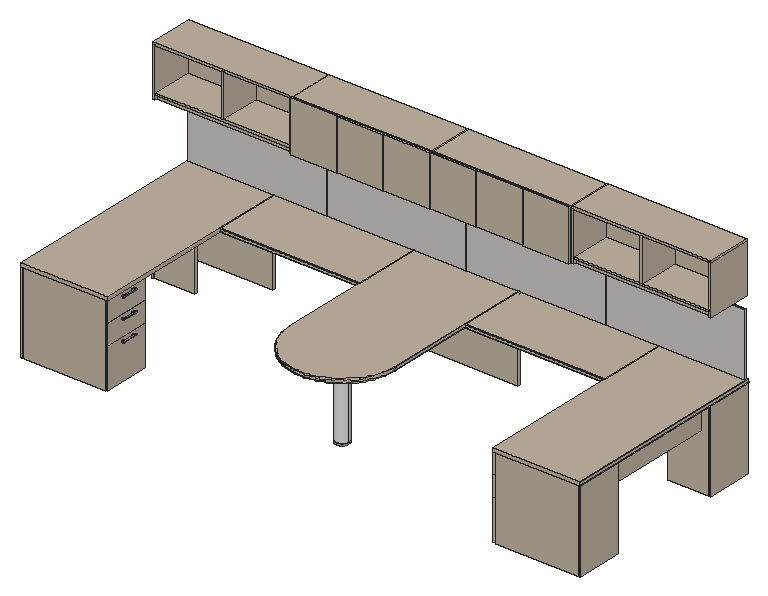
Revit family "JSI-Vision-Typical_Laminate-VST115", category Furniture, Revit 2020
Family settings
  OmniClass Number = 23.40.20.00
  OmniClass Title = General Furniture and Specialties
  Work Plane-Based = No
  Always vertical = Yes
  Cut with Voids When Loaded = No
  Shared = No
  Room Calculation Point = No
Parameters (values of type "VST115")
  URL = "www.jsifurniture.com"
  Type Comments = "Typical Laminate"  # constant formula
  Model = "VST115"
  Manufacturer = "JSI"  # constant formula
  Keynote = "12500"
  Default Elevation = 0"
  Assembly Code = "E2020200"
Reference planes (in)
  plane 1 "Center Front/Back": y = 0
  plane 2: z = 0
  plane 3 "Center Left/Right": x = 0
Dimensions and locks (in)
  aligned and locked: level to plane 2
Nested families (in)
  nested 1: "JSI-Vision-Column_Base" at (0, -53.9995, 0), type "GP0428COL, Column Base 28 5/16"H"
    with Height 29 3/16"
  nested 2: "JSI-Vision-Tackboard_Wall_Mount_Overhead" at (-0.9375, -0.5, -4.5665), type "VSB4822WT, Tackboard for Wall Mount OH"
    with Width 47 3/4", Height 21 1/2"
  nested 3: "JSI-Vision-Wall_Mount_Open_Overhead" at (-95.75, 0, 24.75), type "VST1548WOO, Laminate Wall Mount Open OH 15 7/16" x 48""
    with Overalll Height 72", Verticall Partition Distance 23 3/4", Unit Centre 24", Width 48", Depth 15.432"
  nested 4: "JSI-Vision-Modular_Box_Box_File_Pedestal" at (-95.8595, -72, 0) x (0, 1, 0) z (0, 0, 1), type "VST1630MBBF, Laminate Modular BBF Ped"
    with Ped Width 15.996", Ped Height 27.996", Ped Depth 30"
  nested 5: "JSI-Vision-Modular_Wing_End_Support" at (96, 0, 0) x (0, -1, 0) z (0, 0, 1), type "VST1630WEAL, Wing End Sup - Left"
    with Depth 30"
  nested 6: "JSI-Vision-Modular_Wing_End_Support" at (-96, -16, 0) x (0, 1, 0) z (0, 0, 1), type "VST1630WEAR, Wing End Sup - Right"
    with Pnl Pstn 15 1/8", L no, Depth 30"
  nested 7: "JSI-Vision-Wall_Mount_Overhead_Cabinets" at (-47.875, 0, 0.25), type "VST1648WSOL, Laminate Wall Mount OH Cab. 16" x 48", 3 Doors"
    with Overall Height 72", Verticall Partition Distance 31 11/16", Unit Centre 24", Width 48", Left Vertical Partition no, Door Width Actual 15 3/4", Door Array Spacing 15 7/8", Door Width 15 3/4", # of Doors 3
  nested 8: "JSI-Vision-Rectangle_Desk_Top" at (66, -72, -2.004) x (0, 1, 0) z (0, 0, 1), type "VST3072MCT, Laminate Rectangular Desk Top, 30" x 72""
    with Width 72"
  nested 9: "JSI-Vision-Bullet_Peninsula_Desk" at (18, 0, 0) x (0, -1, 0) z (0, 0, 1), type "VST3672B, Laminate 36 x 72 Bullet Peninsula Desk"
    with Width 72", leg Pstn 18", Height 29.187", Depth 36"
  nested 10: "JSI-Vision_Modular_Bridge_Top" at (-29.93587, -10.75, -0.8165), type "VST4824MCT, Laminate 48 x 24 Modular Return/ Bridge Top"
    with Width 48", Depth 24"
  nested 11: "JSI-Vision_Modular_Bridge_Top" at (29.93587, -10.75, -0.8165) x (-1, 0, 0) z (0, 0, 1), type "VST4824MCT, Laminate 48 x 24 Modular Return/ Bridge Top"
    with Width 48", Depth 24"
  nested 12: "JSI-Vision-Rectangle_Desk_Top" at (-66, -72, -2.004) x (0, 1, 0) z (0, 0, 1), type "VST3072MCT, Laminate Rectangular Desk Top, 30" x 72""
    with Width 72"
  nested 13: "JSI-Vision-Modular_Box_Box_File_Pedestal" at (95.8595, -72, 0) x (0, 1, 0) z (0, 0, 1), type "VST1630MBBF, Laminate Modular BBF Ped"
    with Ped Width 15.996", Ped Height 27.996", Ped Depth 30"
  nested 14: "JSI-Vision-Tackboard_Wall_Mount_Overhead" at (96.4375, -0.5, -4.5665) x (-1, 0, 0) z (0, 0, 1), type "VSB4822WT, Tackboard for Wall Mount OH"
    with Width 47 3/4", Height 21 1/2"
  nested 15: "JSI-Vision-Tackboard_Wall_Mount_Overhead" at (0.9375, -0.5, -4.5665) x (-1, 0, 0) z (0, 0, 1), type "VSB4822WT, Tackboard for Wall Mount OH"
    with Width 47 3/4", Height 21 1/2"
  nested 16: "JSI-Vision-Tackboard_Wall_Mount_Overhead" at (-96.4375, -0.5, -4.5665), type "VSB4822WT, Tackboard for Wall Mount OH"
    with Width 47 3/4", Height 21 1/2"
  nested 17: "JSI-Vision-Wall_Mount_Open_Overhead" at (95.75, 0, 24.75) x (-1, 0, 0) z (0, 0, 1), type "VST1548WOO, Laminate Wall Mount Open OH 15 7/16" x 48""
    with Overalll Height 72", Verticall Partition Distance 23 3/4", Unit Centre 24", Width 48", Depth 15.432"
  nested 18: "JSI-Vision-Wall_Mount_Overhead_Cabinets" at (47.875, 0, 0.25) x (-1, 0, 0) z (0, 0, 1), type "VST1648WSOL, Laminate Wall Mount OH Cab. 16" x 48", 3 Doors"
    with Overall Height 72", Verticall Partition Distance 31 11/16", Unit Centre 24", Width 48", Left Vertical Partition no, Door Width Actual 15 3/4", Door Array Spacing 15 7/8", Door Width 15 3/4", # of Doors 3
  nested 19: "JSI-Vision-Adj_Bridge_Modesty" at (92.40335, -55.879, -0.8165) x (0, 1, 0) z (0, 0, 1), type "VST0940TDM, Modesty for Adj Bridge, 40"W"
  nested 20: "JSI-Vision-Adj_Bridge_Modesty" at (-92.40335, -55.879, -0.8165) x (0, 1, 0) z (0, 0, 1), type "VST0940TDM, Modesty for Adj Bridge, 40"W"
  nested 21: "JSI-Vision-Modular_Full_Height_Back_Modular_Pedestal" at (95.25, -71.87695, 0) x (0, 1, 0) z (0, 0, 1), type "VST1628MPBK, Modular Full Height Back Panel for Modular Pedestal- Laminate"
  nested 22: "JSI-Vision-Modular_Full_Height_Back_Modular_Pedestal" at (-95.25, -71.87695, 0) x (0, 1, 0) z (0, 0, 1), type "VST1628MPBK, Modular Full Height Back Panel for Modular Pedestal- Laminate"
Definition of nested family "JSI-Vision-Column_Base"
  Parameters (values of type "GP0428COL, Column Base 28 5/16"H")
    URL = "www.jsifurniture.com"
    Type Comments = ""
    Series = "Vision Casegoods"  # constant formula
    Model = "GP0428COL"
    Material = ""
    Manufacturer = "JSI"  # constant formula
    Keynote = "12500"  # constant formula
    JSI Enviromental Website = "http://www.jsifurniture.com/jsi_sustainability_intro.php"
    Height = 28 5/16"
    Glide Finish = none
    Diameter = 4"
    Default Elevation = 0"
    Base Finish = none
    Description = "Column Base for Peninsula Tops,  4” diameter 28 5/16\"H"
    Assembly Code = "E2020200"
  Reference planes (in)
    plane 1 "Center Front/Back": y = 0
    plane 2: z = 0
    plane 3 "Center Left/Right": x = 0
    plane 4: z = 0
    plane 5: z = 28.3125
    plane 6: x = -3.5
    plane 7: x = 3.5
    plane 8: y = 3.5
    plane 9: y = -3.5
    plane 10: z = 0.75
  Forms (in)
    Extrusion 1, solid, material <- "Base Finish"
      sketch origin (-51, 15, 0) x (1, 0, 0) y (0, 1, 0)
        loop
          circle (51, -15) r 2.25
      from 0.75 to 26.875
    Extrusion 2, solid, material <- "Base Finish"
      sketch origin (-51, 15, 0) x (1, 0, 0) y (0, 1, 0)
        loop
          line (47.5, -11.5) -> (47.5, -18.5) -> (54.5, -18.5) -> (54.5, -11.5) -> (47.5, -11.5)
      from 26.875 to 27.125
    Revolve 3, solid, material <- "Glide Finish"
      sketch origin (0, 0, 0) x (1, 0, 0) y (0, 0, 1)
        loop
          line (0, 0.75) -> (-0.25, 0.75) -> (-0.25, 0.375) -> (-2.25, 0.375) -> (-2.25, 0) -> (0, 0) -> (0, 0.75)
        axis (0, 0.75) -> (0, 0)
      angle from 0 to 360
  Lines and regions (in)
    symbolic lines
      curve 1: arc (2.25, 0, 0) -> (0, 2.25, 0) -> (-2.25, 0, 0) r 2.25
      curve 2: arc (-2.25, 0, 0) -> (0, -2.25, 0) -> (2.25, 0, 0) r 2.25
      curve 3: line (-3.5, 3.5, 0) -> (3.5, 3.5, 0)
      curve 4: line (-3.5, -3.5, 0) -> (-3.5, 3.5, 0)
      curve 5: line (3.5, -3.5, 0) -> (-3.5, -3.5, 0)
      curve 6: line (3.5, 3.5, 0) -> (3.5, -3.5, 0)
  Dimensions and locks (in)
    "Height": plane 5 to plane 4
    plane 5 to Extrusion 2 to Extrusion 2 = 1 3/16" locked, 1/4" locked
    locked: plane 10 to level at 0.75
    plane 3 "Center Left/Right" to Revolve 3 sketch curve to Revolve 3 sketch curve = 1/4" locked, 2" locked
    locked: plane 6 to plane 7 at 7
    locked: plane 9 to plane 8 at 7
    aligned and locked: level to plane 2
    aligned and locked: Extrusion 2 sketch curve to plane 8
    aligned and locked: Extrusion 2 sketch curve to plane 6
    aligned and locked: Extrusion 2 sketch curve to plane 9
    aligned and locked: Extrusion 2 sketch curve to plane 7
    aligned and locked: curve 1 to Extrusion 1
    aligned and locked: curve 2 to Extrusion 1
    aligned and locked: Extrusion 1 to Extrusion 2
    aligned and locked: curve 3 to Extrusion 2
    aligned and locked: curve 4 to Extrusion 2
    aligned and locked: curve 5 to Extrusion 2
    aligned and locked: curve 6 to Extrusion 2
    aligned and locked: Revolve 3 sketch curve to plane 10
    aligned and locked: level to Revolve 3 sketch curve
    aligned and locked: Revolve 3 sketch curve to plane 3 "Center Left/Right"  (x2)
  Automatic sketch dimensions
    plane 1 "Center Front/Back" to Extrusion 1 sketch curve = 0"
    Extrusion 1 sketch curve to plane 3 "Center Left/Right" = 0"
    Revolve 3 sketch curve to Revolve 3 sketch curve = 3/8"
    Revolve 3 sketch curve to level = 1 1/2"
    Revolve 3 sketch curve to Revolve 3 sketch curve = 1/4"
    radius of Extrusion 1 sketch curve = 2 1/4"
Definition of nested family "JSI-Vision-Tackboard_Wall_Mount_Overhead"
  Parameters (values of type "Tackboard for Wall Mount OH - Type Catalog Family")
    Tackboard = none
    Width = 28 1/8"
    URL = "www.jsifurniture.com"
    Type Comments = ""
    Series = "Vision Casegoods"  # constant formula
    Model = "Type Catalog"
    Material = ""
    Manufacturer = "JSI"  # constant formula
    Keynote = "12500"  # constant formula
    JSI Enviromental Website = "http://www.jsifurniture.com/jsi_sustainability_intro.php"
    Height = 21 1/4"
    Description = "Type Catalog"
    Depth = 3/8"
    Default Elevation = 0"
    Assembly Code = "E2020200"
  Reference planes (in)
    plane 1 "Center Front/Back": y = 0
    plane 2: z = 0
    plane 3 "Center Left/Right": x = 0
    plane 4: z = 0
    plane 5: x = 0.9375
    plane 6: x = 29.0625
    plane 7: z = 33.75
    plane 8: x = 30
    plane 9: z = 55
    plane 10: y = -0.375
  Forms (in)
    Extrusion 1, solid, material <- "Tackboard"
      sketch origin (0, 1.5625, 0) x (1, 0, 0) y (0, 1, 0)
        loop
          line (0.9375, -1.5625) -> (0.9375, -1.9375) -> (29.0625, -1.9375) -> (29.0625, -1.5625) -> (0.9375, -1.5625)
      from 33.75 to 55
  Lines and regions (in)
    symbolic lines
      curve 1: line (0.9375, 0, 0) -> (29.0625, 0, 0)
      curve 2: line (0.9375, -0.375, 0) -> (0.9375, 0, 0)
      curve 3: line (29.0625, -0.375, 0) -> (0.9375, -0.375, 0)
      curve 4: line (29.0625, 0, 0) -> (29.0625, -0.375, 0)
  Dimensions and locks (in)
    "Width": plane 5 to plane 6
    plane 7 to level = 33 3/4"
    "Height": plane 9 to plane 7
    locked: plane 3 "Center Left/Right" to plane 5 at 0.9375
    locked: plane 6 to plane 8 at 0.9375
    aligned and locked: level to plane 2
    aligned and locked: Extrusion 1 to plane 5  (x2)
    aligned and locked: plane 6 to Extrusion 1  (x2)
    aligned and locked: Extrusion 1 to plane 7
    aligned and locked: plane 9 to Extrusion 1
    aligned and locked: curve 1 to Extrusion 1
    aligned and locked: curve 2 to Extrusion 1
    aligned and locked: curve 3 to Extrusion 1
    aligned and locked: curve 4 to Extrusion 1
    aligned and locked: Extrusion 1 to plane 1 "Center Front/Back"
  Automatic sketch dimensions
    Extrusion 1 sketch curve to plane 5 = 0"
    Extrusion 1 sketch curve to plane 6 = 0"
    Extrusion 1 sketch curve to plane 10 = 0"
    Extrusion 1 sketch curve to Extrusion 1 sketch curve = 3/8"
Definition of nested family "JSI-Vision-Wall_Mount_Open_Overhead"
  Parameters (values of type "Type Catalog")
    Verticall Partition Distance = Unit Centre - 1/4"  # 26 3/4"
    Unit Centre = Width / 2  # 27"
    Top = none
    Width = 54"
    URL = "www.jsifurniture.com"
    Type Comments = ""
    Tag = "1 Open - 1 Open"
    Series = "Vision Casegoods"  # constant formula
    Overhead Height = 1 1/2"
    Overalll Height [instance] = 72"
    Model = "Type Catalog"
    Material = ""
    Manufacturer = "JSI"  # constant formula
    Vertical Partition = yes
    Keynote = "12500"
    JSI Enviromental Website = "http://www.jsifurniture.com/jsi_sustainability_intro.php"
    Height = 18"
    Description = "Type Catalog"
    Depth = 15 7/16"
    Default Elevation = 0"
    Chassis = none
    Assembly Code = "E2020200"
  Reference planes (in)
    plane 1 "Center Front/Back": y = 0
    plane 2: z = 0
    plane 3 "Center Left/Right": x = 0
    plane 4: z = 0
    plane 5: y = -0.125
    plane 6: x = 54
    plane 7: x = 0.125
    plane 8: x = 53.875
    plane 9: y = -15.5625
    plane 10: z = 47.5
    plane 11: x = 0.875
    plane 12: x = 53.125
    plane 13: y = -0.9375
    plane 14: y = -1.6875
    plane 15: z = 46.75
    plane 16: z = 31.5
    plane 17: z = 32.25
    plane 18: z = 30
    plane 19: y = -14.8125
    plane 20: y = -14.0625
    plane 21: x = 0.25
    plane 22: x = 53.75
    plane 23: x = 27
    plane 24: x = 27
    plane 25: x = 27
    plane 26: x = 26.625
    plane 27: x = 27.375
    plane 28: x = 26.625
    plane 29: x = 27.375
    plane 30: z = 30
    plane 31: z = 48
    plane 32: z = 41.5625
    plane 33: z = 43.75
    plane 34: z = 44.5625
    plane 35: x = 1.5
    plane 36: x = 52.5
  Forms (in)
    Extrusion 1, solid, material <- "Chassis"
      sketch origin (0, 0, 0) x (1, 0, 0) y (0, 1, 0)
        loop
          line (0.125, -0.125) -> (0.125, -15.5625) -> (0.875, -15.5625) -> (0.875, -0.125) -> (0.125, -0.125)
      from 30 to 46.75
    Extrusion 2, solid, material <- "Chassis"
      sketch origin (0, 0, 0) x (1, 0, 0) y (0, 1, 0)
        loop
          line (53.875, -0.125) -> (53.125, -0.125) -> (53.125, -15.5625) -> (53.875, -15.5625) -> (53.875, -0.125)
      from 30 to 46.75
    Extrusion 3, solid, material <- "Top"
      sketch origin (0, 0, 0) x (1, 0, 0) y (0, 0, 1)
        loop
          line (0.125, 47.5) -> (0.125, 46.75) -> (53.875, 46.75) -> (53.875, 47.5) -> (0.125, 47.5)
      from 0.125 to 15.5625
    Extrusion 4, solid, material <- "Chassis"
      sketch origin (0, 0, 0) x (1, 0, 0) y (0, 0, 1)
        loop
          line (0.875, 32.25) -> (0.875, 31.5) -> (53.125, 31.5) -> (53.125, 32.25) -> (0.875, 32.25)
      from 1.6875 to 15.5625
    Extrusion 5, solid, material <- "Chassis"
      sketch origin (0, 0, 0) x (1, 0, 0) y (0, 1, 0)
        loop
          line (0.875, -14.0625) -> (0.875, -14.8125) -> (53.125, -14.8125) -> (53.125, -14.0625) -> (0.875, -14.0625)
      from 30 to 31.5
    Extrusion 6, solid, material <- "Chassis"
      sketch origin (130.61992, -0.9375, 48) x (1, 0, 0) y (0, 0, 1)
        loop
          line (-129.74492, -1.25) -> (-129.74492, -18) -> (-77.49492, -18) -> (-77.49492, -1.25) -> (-129.74492, -1.25)
      from 0 to 0.75
    Extrusion 7, solid, material <- "Chassis", visible <- "Vertical Partition"
      sketch origin (60, -15.5625, 48) x (1, 0, 0) y (0, 0, 1)
        loop
          line (-33.375, -1.25) -> (-33.375, -15.75) -> (-32.625, -15.75) -> (-32.625, -1.25) -> (-33.375, -1.25)
      from -13.875 to 0
    Extrusion 8, solid, material <- "Chassis"
      sketch origin (1.5, -180, 96) x (0, 0, 1) y (0, -1, 0)
        loop
          line (-49.25, -179.875) -> (-49.25, -179.0625) -> (-51.4375, -179.0625) -> (-52.25, -179.875) -> (-49.25, -179.875)
      from -0.625 to 51.625
    Extrusion 9, solid, material <- "Chassis"
      sketch origin (1.5, -180, 96) x (0, 0, 1) y (0, -1, 0)
        loop
          line (-51.4375, -179.0625) -> (-54.4375, -179.0625) -> (-54.4375, -179.875) -> (-52.25, -179.875) -> (-51.4375, -179.0625)
      from 0 to 51
  Lines and regions (in)
    symbolic lines
      curve 1: line (53.875, -0.125, 0) -> (0.125, -0.125, 0)
      curve 2: line (0.125, -0.125, 0) -> (0.125, -15.5625, 0)
      curve 3: line (53.875, -15.5625, 0) -> (53.875, -0.125, 0)
      curve 4: line (0.125, -15.5625, 0) -> (53.875, -15.5625, 0)
  Dimensions and locks (in)
    plane 3 "Center Left/Right" to plane 7 to plane 21 = 1/8" locked, 1/8" locked
    plane 22 to plane 8 to plane 6 = 1/8" locked, 1/8" locked
    locked: plane 5 to plane 1 "Center Front/Back" at 0.125
    plane 9 to plane 19 to plane 20 = 3/4" locked, 3/4" locked
    "Width": plane 3 "Center Left/Right" to plane 6
    locked: plane 7 to plane 11 at 0.75
    locked: plane 12 to plane 8 at 0.75
    plane 14 to plane 13 to plane 5 = 3/4" locked, 13/16" locked
    locked: plane 10 to plane 15 at 0.75
    locked: plane 17 to plane 16 at 0.75
    "Verticall Partition Distance": plane 21 to plane 24
    plane 26 to plane 24 to plane 27 = 3/8" locked, 3/8" locked
    plane 28 to plane 25 to plane 29 = 3/8" locked, 3/8" locked
    "Verticall Partition Distance": plane 25 to plane 22
    "Unit Centre": plane 3 "Center Left/Right" to plane 23
    "Overhead Height": plane 16 to plane 30
    "Height": plane 31 to plane 30
    locked: plane 31 to plane 10 at 0.5
    locked: plane 11 to plane 35 at 0.625
    locked: plane 36 to plane 12 at 0.625
    "Depth": plane 9 to plane 5
    plane 15 to plane 34 to plane 33 to plane 32 = 2 3/16" locked, 13/16" locked, 2 3/16" locked
    plane 10 to level = 47 1/2"
    aligned and locked: level to plane 2
    aligned and locked: plane 5 to Extrusion 1 sketch curve
    aligned and locked: plane 7 to Extrusion 1 sketch curve
    aligned and locked: Extrusion 1 sketch curve to plane 11
    aligned and locked: Extrusion 2 sketch curve to plane 5
    aligned and locked: plane 8 to Extrusion 2 sketch curve
    aligned and locked: Extrusion 2 sketch curve to plane 12
    aligned and locked: Extrusion 3 sketch curve to plane 10
    aligned and locked: plane 7 to Extrusion 3 sketch curve
    aligned and locked: Extrusion 3 to plane 5
    aligned and locked: plane 9 to Extrusion 1
    aligned and locked: plane 9 to Extrusion 2
    aligned and locked: plane 9 to Extrusion 3
    aligned and locked: Extrusion 4 sketch curve to plane 17
    aligned and locked: plane 11 to Extrusion 4 sketch curve
    aligned and locked: plane 16 to Extrusion 4 sketch curve
    aligned and locked: Extrusion 4 sketch curve to plane 12
    aligned and locked: Extrusion 4 to plane 14
    aligned and locked: plane 9 to Extrusion 4
    aligned and locked: plane 20 to Extrusion 5 sketch curve
    aligned and locked: plane 11 to Extrusion 5 sketch curve
    aligned and locked: Extrusion 5 sketch curve to plane 19
    aligned and locked: Extrusion 5 sketch curve to plane 12
    aligned and locked: plane 16 to Extrusion 5
    aligned and locked: Extrusion 5 to plane 18
    aligned and locked: Extrusion 1 to Extrusion 6 sketch curve
    aligned and locked: Extrusion 6 sketch curve to Extrusion 1
    aligned and locked: Extrusion 6 sketch curve to Extrusion 2
    aligned and locked: Extrusion 6 to plane 13
    aligned and locked: plane 14 to Extrusion 6
    aligned and locked: plane 23 to nested 1
    aligned and locked: plane 15 to Extrusion 1
    aligned and locked: plane 15 to Extrusion 2
    aligned and locked: Extrusion 1 to plane 30
    aligned and locked: Extrusion 2 to plane 30
    aligned and locked: Extrusion 6 sketch curve to plane 30
    aligned and locked: plane 26 to Extrusion 7 sketch curve
    aligned and locked: Extrusion 7 sketch curve to plane 27
    aligned and locked: Extrusion 7 sketch curve to plane 15
    aligned and locked: plane 17 to Extrusion 7 sketch curve
    aligned and locked: Extrusion 7 to plane 14
    aligned and locked: plane 9 to Extrusion 7
    aligned and locked: plane 5 to Extrusion 8 sketch curve
    aligned and locked: Extrusion 8 sketch curve to plane 13
    aligned and locked: Extrusion 8 sketch curve to plane 15
    aligned and locked: plane 33 to Extrusion 8 sketch curve
    aligned and locked: plane 34 to Extrusion 8 sketch curve
    aligned and locked: Extrusion 8 to plane 11
    aligned and locked: plane 12 to Extrusion 8
    aligned and locked: Extrusion 9 sketch curve to Extrusion 8
    aligned and locked: Extrusion 9 sketch curve to plane 5
    aligned and locked: plane 13 to Extrusion 9 sketch curve
    aligned and locked: Extrusion 9 sketch curve to plane 32
    aligned and locked: plane 34 to Extrusion 9 sketch curve
    aligned and locked: plane 33 to Extrusion 9 sketch curve
    aligned and locked: Extrusion 9 to plane 35
    aligned and locked: plane 36 to Extrusion 9
    aligned and locked: Extrusion 3 to plane 15
    aligned and locked: plane 9 to nested 1
  Automatic sketch dimensions
    Extrusion 3 sketch curve to plane 8 = 0"
    Extrusion 3 sketch curve to plane 15 = 0"
    plane 9 to Extrusion 2 sketch curve = 0"
    plane 9 to Extrusion 1 sketch curve = 0"
    curve 2 to plane 7 = 0"
    plane 5 to curve 3 = 0"
    curve 3 to plane 8 = 0"
    plane 9 to curve 4 = 0"
  Nested families (in)
    nested 1: "Label 1-16 OH" at (27, -15.5625, 0), type "OH DOORS"
  Definition of nested family "Label 1-16 OH"
    Parameters
      Width = 1"
      Model Name = "XX"
    Reference planes (in)
      plane 1: y = 0
      plane 2: x = 0
    Text (in)
      label "XX" at (0.00051, -0.12324, 0), shows "Model Name"
Definition of nested family "JSI-Vision-Modular_Box_Box_File_Pedestal"
  Parameters (values of type "Type Catalog")
    URL = "www.jsifurniture.com"
    Tag = "BBF"
    Series = "Vision Casegoods"  # constant formula
    Pull Finish = none
    Ped Width = 16"
    Ped Height = 28"
    Model = "Type Catalog"
    Manufacturer = "JSI"  # constant formula
    Keynote = "12500"
    JSI Enviromental website = "http://www.jsifurniture.com/jsi_sustainability_intro.php"
    Description = "Type Catalog"
    Default Elevation = 0"
    Chassis = none
    Ped Depth = 20"
    Grommet Finish = none
    Drawer Front = none
    Assembly Code = "E2020200"
  Reference planes (in)
    plane 1 "Center Front/Back": y = 0
    plane 2: z = 0
    plane 3 "Center Left/Right": x = 0
    plane 4: x = 0.125
    plane 5: x = 16.125
    plane 6: x = 16.25
    plane 7: y = -18.9795
    plane 8: y = -0.1875
    plane 9: y = -19.1095
    plane 10: x = 0.18716
    plane 11: x = 16.06243
    plane 12: y = -19.8595
    plane 13: z = 27.89082
    plane 14: z = 28
    plane 15: x = 0.875
    plane 16: x = 15.376
    plane 17: y = -0.9375
    plane 18: y = -18.23863
    plane 19: z = 27.1404
    plane 20: z = 26.5625
    plane 21: y = -3.9375
    plane 22: x = 8.125
    plane 23: y = -20
    plane 24: y = -9.80266
    plane 25: y = -14.80266
    plane 26: z = 27.1875
    plane 27: z = 21.04715
    plane 28: z = 20.92165
    plane 29: z = 20.1704
    plane 30: z = 14.0779
    plane 31: z = 13.9529
    plane 32: z = 13.2024
    plane 33: z = 0.1404
  Forms (in)
    Extrusion 1, solid, material <- "Chassis"
      sketch origin (0.125, -0.1875, 48) x (0, 1, 0) y (0, 0, 1)
        loop
          line (0, -20) -> (-2.2814, -20) -> (-18.792, -20) -> (-18.792, -48) -> (0, -48) -> (0, -20)
      from 0 to 0.75
    Extrusion 2, solid, material <- "Chassis"
      sketch origin (16.125, -0.1875, 48) x (0, 1, 0) y (0, 0, 1)
        loop
          line (0, -20) -> (-1.49541, -20) -> (-18.792, -20) -> (-18.792, -48) -> (0, -48) -> (0, -20)
      from -0.749 to 0
    Extrusion 3, solid, material <- "Drawer Front"
      sketch origin (0, 0, 0) x (1, 0, 0) y (0, 0, 1)
        loop
          line (0.18716, 27.89082) -> (0.18716, 21.04715) -> (16.06243, 21.04715) -> (16.06243, 27.89082) -> (0.18716, 27.89082)
        loop
          line (16.06243, 14.0779) -> (16.06243, 20.92165) -> (0.18716, 20.92165) -> (0.18716, 14.0779) -> (16.06243, 14.0779)
        loop
          line (0.18716, 13.9529) -> (0.18716, 0.1404) -> (16.06243, 0.1404) -> (16.06243, 13.9529) -> (0.18716, 13.9529)
      from 19.1095 to 19.8595
    Extrusion 4, solid, material <- "Chassis"
      sketch origin (0, 0, 0) x (1, 0, 0) y (0, 1, 0)
        loop
          line (0.875, -18.23863) -> (0.875, -18.9795) -> (15.376, -18.9795) -> (15.376, -18.23863) -> (0.875, -18.23863)
      from 0 to 1.9375
    Extrusion 5, solid, material <- "Chassis"
      sketch origin (0, 0, 0) x (0, 1, 0) y (0, 0, 1)
        loop
          line (-9.80266, 27.1875) -> (-9.80266, 27.89082) -> (-14.80266, 27.89082) -> (-14.80266, 27.1875) -> (-9.80266, 27.1875)
      from 0.875 to 15.376
    Extrusion 6, solid, material <- "Chassis"
      sketch origin (0, 0, 0) x (0, 1, 0) y (0, 0, 1)
        loop
          line (-0.1875, 28) -> (-0.9375, 28) -> (-0.9375, 23) -> (-0.1875, 23) -> (-0.1875, 28)
        loop
          line (-0.9375, 5) -> (-0.9375, 0) -> (-0.1875, 0) -> (-0.1875, 5) -> (-0.9375, 5)
      from 0.875 to 15.376
  Lines and regions (in)
    symbolic lines
      curve 1: line (0.125, -18.9795, 0) -> (0.125, -0.1875, 0)
      curve 2: line (16.125, -0.1875, 0) -> (16.125, -18.9795, 0)
      curve 3: line (0.18716, -19.1095, 0) -> (16.06243, -19.1095, 0)
      curve 4: line (0.18716, -19.8595, 0) -> (0.18716, -19.1095, 0)
      curve 5: line (16.06243, -19.8595, 0) -> (0.18716, -19.8595, 0)
      curve 6: line (16.06243, -19.1095, 0) -> (16.06243, -19.8595, 0)
      curve 7: line (0.875, -0.1875, 0) -> (0.875, -18.9795, 0)
      curve 8: line (0.125, -18.9795, 0) -> (0.875, -18.9795, 0)
      curve 9: line (15.376, -0.1875, 0) -> (15.376, -18.9795, 0)
      curve 10: line (15.376, -18.9795, 0) -> (16.125, -18.9795, 0)
      curve 11: line (0.125, -0.1875, 0) -> (16.125, -0.1875, 0)
      curve 12: line (0.875, -0.9375, 0) -> (15.376, -0.9375, 0)
  Dimensions and locks (in)
    plane 3 "Center Left/Right" to plane 4 = 1/8"
    locked: plane 5 to plane 6 at 0.125
    "Ped Width": plane 4 to plane 5
    locked: plane 1 "Center Front/Back" to plane 8 at 0.1875
    "Ped Height": plane 14 to level
    locked: plane 8 to plane 17 at 0.75
    plane 18 to plane 7 to plane 9 to plane 12 = 0.74087" locked, 0.13" locked, 3/4" locked
    plane 4 to plane 10 to plane 15 = 0.06216" locked, 0.68784" locked
    plane 16 to plane 11 to plane 5 = 0.68644" locked, 0.06257" locked
    locked: plane 14 to plane 20 at 1.4375
    locked: plane 1 "Center Front/Back" to plane 21 at 3.9375
    plane 3 "Center Left/Right" to plane 22 to plane 6 = 8 1/8", 8 1/8"
    "Ped Depth": plane 23 to plane 1 "Center Front/Back"
    locked: plane 12 to plane 23 at 0.1405
    plane 24 to plane 25 to plane 23 = 5" locked, 5.19734" locked
    locked: plane 14 to Extrusion 6 sketch curve at 5
    locked: Extrusion 6 sketch curve to plane 2 at 5
    plane 14 to plane 13 to plane 27 to plane 28 to plane 30 to plane 31 to plane 33 to plane 2 = 0.10918" locked, 6.84367" locked, 0.1255" locked, 6 27/32" locked, 1/8" locked, 13 13/16", 0.1404" locked
    plane 19 to plane 29 to plane 32 to plane 2 = 6.97" locked, 6.968" locked, 13.2024" locked
    aligned and locked: level to plane 2
    aligned and locked: Extrusion 1 sketch curve to plane 7
    aligned and locked: Extrusion 1 sketch curve to level
    aligned and locked: Extrusion 2 sketch curve to plane 14
    aligned and locked: level to Extrusion 2 sketch curve
    aligned and locked: plane 7 to Extrusion 2 sketch curve
    aligned and locked: Extrusion 3 sketch curve to plane 13
    aligned and locked: Extrusion 3 sketch curve to plane 10  (x2)
    aligned and locked: plane 11 to Extrusion 3 sketch curve  (x2)
    aligned and locked: Extrusion 3 to plane 12
    aligned and locked: plane 9 to Extrusion 3
    aligned and locked: Extrusion 4 sketch curve to plane 18
    aligned and locked: plane 15 to Extrusion 4 sketch curve
    aligned and locked: nested 1 to plane 12
    aligned and locked: nested 2 to plane 12
    aligned and locked: plane 19 to nested 2
    aligned and locked: plane 24 to Extrusion 5 sketch curve
    aligned and locked: Extrusion 5 sketch curve to plane 26
    aligned and locked: Extrusion 5 sketch curve to plane 25
    aligned and locked: plane 13 to Extrusion 5 sketch curve
    aligned and locked: Extrusion 5 to plane 15
    aligned and locked: plane 16 to Extrusion 5
    aligned and locked: nested 3 to plane 22
    aligned and locked: nested 3 to plane 23
    aligned and locked: nested 2 to plane 22
    aligned and locked: nested 1 to plane 22
    aligned and locked: Extrusion 3 sketch curve to Extrusion 3 sketch curve  (x2)
    aligned and locked: nested 4 to plane 22
    aligned and locked: nested 4 to plane 12
    aligned and locked: Extrusion 3 to plane 28
    aligned and locked: plane 27 to Extrusion 3
    aligned and locked: Extrusion 3 to plane 31
    aligned and locked: plane 30 to Extrusion 3
    aligned and locked: plane 8 to Extrusion 1
    aligned and locked: plane 8 to Extrusion 2
    aligned and locked: curve 7 to Extrusion 1
    aligned and locked: plane 8 to curve 9
    aligned and locked: Extrusion 2 to plane 16
    aligned and locked: plane 8 to Extrusion 6 sketch curve
    aligned and locked: Extrusion 6 sketch curve to plane 17
    aligned and locked: Extrusion 6 sketch curve to plane 2
    aligned and locked: Extrusion 6 sketch curve to plane 8
    aligned and locked: plane 17 to Extrusion 6 sketch curve
    aligned and locked: Extrusion 6 sketch curve to plane 14
    aligned and locked: Extrusion 6 to plane 15
    aligned and locked: plane 16 to Extrusion 6
    aligned and locked: plane 4 to curve 11
    aligned and locked: plane 5 to curve 11
    aligned and locked: curve 11 to plane 8
    aligned and locked: plane 15 to curve 12
    aligned and locked: plane 16 to curve 12
    aligned and locked: curve 12 to plane 17
    aligned and locked: plane 33 to Extrusion 3
  Automatic sketch dimensions
    Extrusion 3 sketch curve to plane 19 = 6 7/32"
    Extrusion 3 sketch curve to Extrusion 3 sketch curve = 0.1255"
    Extrusion 1 sketch curve to plane 14 = 0"
    Extrusion 1 sketch curve to Extrusion 1 sketch curve = 2.2814"
    Extrusion 2 sketch curve to plane 17 = 0.74541"
    Extrusion 3 sketch curve to Extrusion 3 sketch curve = 1/8"
    Extrusion 3 sketch curve to Extrusion 3 sketch curve = 6 31/32"
    level to Extrusion 3 sketch curve = 0.1404"
    plane 17 to Extrusion 1 sketch curve = 3/4"
    Extrusion 4 sketch curve to plane 7 = 0"
    Extrusion 4 sketch curve to plane 16 = 0"
    plane 17 to Extrusion 2 sketch curve = 3/4"
    curve 3 to plane 9 = 0"
    curve 3 to plane 10 = 0"
    curve 10 to plane 7 = 0"
    curve 5 to plane 11 = 0"
    curve 4 to plane 12 = 0"
    curve 1 to plane 7 = 0"
  Nested families (in)
    nested 1: "Bar Pull" at (8.125, -19.8595, 13.2024), Pull Finish <- "Pull Finish", type "PL"
      with Pull Finish none
    nested 2: "Bar Pull" at (8.125, -19.8595, 27.1404), Pull Finish <- "Pull Finish", type "PL"
      with Pull Finish none
    nested 3: "Label 1-16" at (8.125, -20, 0), type "DRWCFG"
    nested 4: "Bar Pull" at (8.125, -19.8595, 20.1704), Pull Finish <- "Pull Finish", type "PL"
      with Pull Finish none
  Definition of nested family "Bar Pull"
    Parameters
      Pull Finish [instance] = none
      Default Elevation = 0"
    Reference planes (in)
      plane 1 "Center Front/Back": y = 0
      plane 2: z = 0
      plane 3 "Center Left/Right": x = 0
      plane 4: x = -2.68731
      plane 5: x = -1.88731
      plane 6: x = 2.68731
      plane 7: x = 1.88731
      plane 8: y = -1
      plane 9: y = -0.85202
    Forms (in)
      Extrusion 1, solid, material <- "Pull Finish"
        sketch origin (0, 0, 0) x (0, 1, 0) y (0, 0, 1)
          loop
            line (0, -0.2015) -> (0, 0.2015) -> (-0.85202, 0.2015)
            arc (-0.85202, 0.2015) -> (-0.75, 0) -> (-0.85202, -0.2015) r 0.25
            line (-0.85202, -0.2015) -> (0, -0.2015)
        from 1.88731 to 2.68731
      Extrusion 2, solid, material <- "Pull Finish"
        sketch origin (0, 0, 0) x (0, 1, 0) y (0, 0, 1)
          loop
            circle (-1, 0) r 0.25
        from -2.68731 to 2.68731
      Extrusion 3, solid, material <- "Pull Finish"
        sketch origin (0, 0, 0) x (0, 1, 0) y (0, 0, -1)
          loop
            line (0, 0.2015) -> (-0.85202, 0.2015)
            arc (-0.85202, 0.2015) -> (-0.75, 0) -> (-0.85202, -0.2015) r 0.25
            line (-0.85202, -0.2015) -> (0, -0.2015) -> (0, 0.2015)
        from 1.88731 to 2.68731
    Dimensions and locks (in)
      plane 4 to plane 5 to plane 3 "Center Left/Right" to plane 7 to plane 6 = 0.8" locked, 1.88731" locked, 1.88731" locked, 0.8" locked
      plane 8 to plane 9 to plane 1 "Center Front/Back" = 0.14798" locked, 0.85202" locked
      aligned and locked: level to plane 2
      aligned and locked: plane 4 to Extrusion 3
      aligned and locked: Extrusion 3 to plane 5
      aligned and locked: plane 4 to Extrusion 2
      aligned and locked: Extrusion 1 to plane 7
      aligned and locked: plane 6 to Extrusion 1
      aligned and locked: plane 6 to Extrusion 2
      aligned and locked: plane 8 to Extrusion 2 sketch curve
      aligned and locked: Extrusion 3 to plane 1 "Center Front/Back"
      aligned and locked: Extrusion 1 to plane 1 "Center Front/Back"
      aligned and locked: plane 5 to Extrusion 3
      aligned and locked: Extrusion 3 to plane 4
      aligned and locked: Extrusion 2 to plane 4
      aligned and locked: plane 7 to Extrusion 1
      aligned and locked: Extrusion 1 to plane 6
      aligned and locked: Extrusion 2 to plane 6
  Definition of nested family "Label 1-16"
    Parameters
      Width = 1"
      Model Name = "2 Drw - 2 Drs"
    Reference planes (in)
      plane 1: y = 0
      plane 2: x = 0
    Text (in)
      label "XX" at (0.00051, -0.12324, 0), shows "Model Name"
Definition of nested family "JSI-Vision-Modular_Wing_End_Support"
  Parameters (values of type "Wing End Sup - Type Catalog Family")
    Width = 16"
    URL = "www.jsifurniture.com"
    Series = "Vision Casegoods"  # constant formula
    Pnl Pstn = if(L, 1/8", Width - 7/8")  # 1/8"
    Model = "Type Catalog"
    Manufacturer = "JSI"  # constant formula
    L = yes
    Keynote = "12500"  # constant formula
    JSI Enviromental website = "http://www.jsifurniture.com/jsi_sustainability_intro.php"
    Height = 28"
    Grommet Finish = none
    Description = "Type Catalog"
    Depth = 20"
    Default Elevation = 0"
    Chassis = none
    Assembly Code = "E2020200"
  Reference planes (in)
    plane 1 "Center Front/Back": y = 0
    plane 2: z = 0
    plane 3 "Center Left/Right": x = 0
    plane 4: x = 0.125
    plane 5: x = 15.875
    plane 6: x = 16
    plane 7: y = -0.1875
    plane 8: z = 28
    plane 9: x = 0.875
    plane 10: x = 15.126
    plane 11: y = -20
    plane 12: y = -19.8125
    plane 13: y = -0.9375
    plane 14: x = 0.125
    plane 15: x = 15.875
  Forms (in)
    Extrusion 1, solid, material <- "Chassis"
      sketch origin (0, 0, 0) x (1, 0, 0) y (0, 1, 0)
        loop
          line (0.125, -0.1875) -> (0.125, -0.9375) -> (15.875, -0.9375) -> (15.875, -0.1875) -> (0.125, -0.1875)
      from 0 to 28
    Extrusion 2, solid, material <- "Chassis"
      sketch origin (0.125, -0.1875, 48) x (0, 1, 0) y (0, 0, 1)
        loop
          line (-0.75, -20) -> (-19.625, -20) -> (-19.625, -48) -> (-0.75, -48) -> (-0.75, -20)
      from 0 to 0.75
    Extrusion 3, solid, material <- "Chassis"
      sketch origin (15.875, -0.1875, 48) x (0, 1, 0) y (0, 0, 1)
        loop
          line (-0.75, -20) -> (-4.75, -20) -> (-4.75, -48) -> (-0.75, -48) -> (-0.75, -20)
      from -0.749 to 0
    Extrusion 4, solid, material <- "Chassis"
      sketch origin (0, 0, 0) x (0, 1, 0) y (0, 0, 1)
        loop
          line (-0.9375, 1.75) -> (-0.9375, 2.5) -> (-2.875, 2.5) -> (-2.875, 1.75) -> (-0.9375, 1.75)
      from 0.875 to 15.126
  Lines and regions (in)
    symbolic lines
      curve 1: line (15.875, -0.1875, 0) -> (0.125, -0.1875, 0)
      curve 2: line (0.125, -19.8125, 0) -> (0.125, -0.1875, 0)
      curve 3: line (15.875, -0.1875, 0) -> (15.875, -4.9375, 0)
      curve 4: line (0.125, -0.9375, 0) -> (15.875, -0.9375, 0)
      curve 5: line (0.875, -0.9375, 0) -> (0.875, -19.8125, 0)
      curve 6: line (0.125, -19.8125, 0) -> (0.875, -19.8125, 0)
      curve 7: line (15.126, -0.9375, 0) -> (15.126, -4.9375, 0)
      curve 8: line (15.126, -4.9375, 0) -> (15.875, -4.9375, 0)
  Dimensions and locks (in)
    locked: plane 1 "Center Front/Back" to plane 7 at 0.1875
    "Height": plane 8 to level
    locked: plane 4 to plane 9 at 0.75
    locked: plane 10 to plane 5 at 0.749
    "Depth": plane 11 to plane 1 "Center Front/Back"
    "Width": plane 3 "Center Left/Right" to plane 6
    locked: plane 3 "Center Left/Right" to plane 14 at 0.125
    locked: plane 15 to plane 6 at 0.125
    locked: Extrusion 1 to Extrusion 4 at 0.75
    locked: Extrusion 4 to Extrusion 1 at 0.749
    "Pnl Pstn": plane 3 "Center Left/Right" to plane 4
    "Pnl Pstn": plane 5 to plane 6
    locked: plane 12 to plane 11 at 0.1875
    Extrusion 4 to Extrusion 4 to plane 2 = 3/4" locked, 1 3/4" locked
    locked: plane 13 to Extrusion 4 at 1.9375
    aligned and locked: level to plane 2
    aligned and locked: Extrusion 1 sketch curve to plane 7
    aligned and locked: Extrusion 2 sketch curve to level
    aligned and locked: Extrusion 3 sketch curve to plane 8
    aligned and locked: level to Extrusion 3 sketch curve
    aligned and locked: Extrusion 2 to plane 12
    aligned and locked: plane 13 to Extrusion 2
    aligned and locked: plane 9 to Extrusion 2
    aligned and locked: Extrusion 2 to plane 4
    aligned and locked: Extrusion 1 to plane 14
    aligned and locked: plane 15 to Extrusion 1
    aligned and locked: curve 6 to plane 12
    aligned and locked: plane 13 to Extrusion 4 sketch curve
    aligned and locked: plane 13 to Extrusion 3
    aligned and locked: plane 14 to curve 1
  Automatic sketch dimensions
    plane 11 to Extrusion 3 sketch curve = 15 1/16"
    Extrusion 2 sketch curve to plane 8 = 0"
    plane 12 to Extrusion 2 sketch curve = 0"
    Extrusion 1 sketch curve to plane 7 = 3/4"
    Extrusion 2 sketch curve to plane 7 = 3/4"
    Extrusion 3 sketch curve to plane 7 = 3/4"
    Extrusion 1 sketch curve to plane 4 = 0"
    plane 5 to Extrusion 1 sketch curve = 0"
    curve 7 to plane 10 = 0"
    curve 3 to plane 5 = 0"
    curve 2 to plane 4 = 0"
    curve 6 to plane 9 = 0"
    curve 1 to plane 15 = 0"
    curve 4 to plane 13 = 0"
    curve 7 to plane 13 = 0"
    curve 5 to plane 13 = 0"
    curve 2 to plane 7 = 0"
    level to Extrusion 4 sketch curve = 1 3/4"
    Extrusion 4 sketch curve to Extrusion 4 sketch curve = 3/4"
    curve 3 to curve 4 = 4"
    Extrusion 4 sketch curve to plane 13 = 1 15/16"
Definition of nested family "JSI-Vision-Wall_Mount_Overhead_Cabinets"
  Parameters (values of type "Wall Mount OH Cab - Type Catalog Family")
    Verticall Partition Distance = (Door Width * 2) + 3/16"  # 26 3/4"
    Unit Centre = Width / 2  # 27"
    Top = none
    Width = 54"
    URL = "www.jsifurniture.com"
    Type Comments = ""
    Tag = "4 Doors"
    Series = "Vision Casegoods"  # constant formula
    Right Vertical Partition = yes
    Overhead Height = 1 1/2"
    Overall Height [instance] = 72"
    Model = "Type Catalog"
    Material = ""
    Manufacturer = "JSI"  # constant formula
    Left Vertical Partition = yes
    Keynote = "12500"  # constant formula
    JSI Enviromental Website = "http://www.jsifurniture.com/jsi_sustainability_intro.php"
    Height = 18"
    Door Width Actual = if(# of Doors > 4, ((Width - 1 1/8") / # of Doors), if(# of Doors > 3, (((Width - 1 1/8") / # of Doors) + 1/16"), if(# of Doors > 2, (((Width - 1 1/8") / # of Doors) + 1/8"), (((Width - 1 1/8") / # of Doors) + 1/4"))))  # 13 9/32"
    Door Array Spacing = Door Width + 1/8"  # 13 13/32"
    Door Width = Door Width Actual  # 13 9/32"
    Door Front = none
    Description = "Type Catalog"
    Depth = 16"
    Default Elevation = 0"
    Chassis = none
    Assembly Code = "E2020200"
    # of Doors = if(Width > 89", 6, (if(Width > 53", 4, (if(Width > 41", 3, (if(Width > 30", 2, 2)))))))  # 4
  Reference planes (in)
    plane 1 "Center Front/Back": y = 0
    plane 2: z = 0
    plane 3 "Center Left/Right": x = 0
    plane 4 "a": z = 0
    plane 5: y = -0.125
    plane 6: x = 54
    plane 7: x = 0.125
    plane 8: x = 53.875
    plane 9: y = -15.5625
    plane 10: y = -16
    plane 11: z = 72
    plane 12: z = 71.5
    plane 13: x = 0.875
    plane 14: x = 53.125
    plane 15: y = -0.875
    plane 16: y = -0.9375
    plane 17: y = -1.6875
    plane 18: z = 71.25
    plane 19: z = 56
    plane 20: z = 56.75
    plane 21: z = 54.5
    plane 22: y = -14.8125
    plane 23: y = -14.0625
    plane 24: x = 0.25
    plane 25: x = 53.75
    plane 26: z = 71.9375
    plane 27: z = 54.6875
    plane 28: y = -15.6875
    plane 29: y = -16.4375
    plane 30: x = 18.0625
    plane 31: x = 18.1875
    plane 32: x = 18.125
    plane 33: x = 27
    plane 34: x = 27
    plane 35: x = 27
    plane 36: x = 26.625
    plane 37: x = 27.375
    plane 38: x = 26.625
    plane 39: x = 27.375
    plane 40: z = 54.5
    plane 41: z = 72.5
    plane 42: z = 66.0625
    plane 43: z = 69.0625
    plane 44: z = 68.25
    plane 45: x = 1.5
    plane 46: x = 52.5
  Forms (in)
    Extrusion 1, solid, material <- "Chassis"
      sketch origin (0, 0, 0) x (1, 0, 0) y (0, 1, 0)
        loop
          line (0.125, -0.125) -> (0.125, -15.5625) -> (0.875, -15.5625) -> (0.875, -0.125) -> (0.125, -0.125)
      from 54.5 to 71.25
    Extrusion 2, solid, material <- "Chassis"
      sketch origin (0, 0, 0) x (1, 0, 0) y (0, 1, 0)
        loop
          line (53.875, -0.125) -> (53.125, -0.125) -> (53.125, -15.5625) -> (53.875, -15.5625) -> (53.875, -0.125)
      from 54.5 to 71.25
    Extrusion 3, solid, material <- "Top"
      sketch origin (0, 0, 0) x (1, 0, 0) y (0, 0, 1)
        loop
          line (0.125, 72) -> (0.125, 71.25) -> (53.875, 71.25) -> (53.875, 72) -> (0.125, 72)
      from 0.125 to 15.5625
    Extrusion 4, solid, material <- "Chassis"
      sketch origin (0, 0, 0) x (1, 0, 0) y (0, 0, 1)
        loop
          line (0.875, 56.75) -> (0.875, 56) -> (53.125, 56) -> (53.125, 56.75) -> (0.875, 56.75)
      from 1.6875 to 15.5625
    Extrusion 5, solid, material <- "Chassis"
      sketch origin (0, 0, 0) x (1, 0, 0) y (0, 1, 0)
        loop
          line (0.875, -14.0625) -> (0.875, -14.8125) -> (53.125, -14.8125) -> (53.125, -14.0625) -> (0.875, -14.0625)
      from 54.5 to 56
    Extrusion 6, solid, material <- "Door Front"
      sketch origin (-4.53125, 0, 17.5) x (1, 0, 0) y (0, 1, 0)
        loop
          line (4.78125, -15.6875) -> (4.78125, -16.4375) -> (18.0625, -16.4375) -> (18.0625, -15.6875) -> (4.78125, -15.6875)
      from 37.1875 to 54.4375
    Extrusion 7, solid, material <- "Door Front"
      sketch origin (8.875, 0, 17.5) x (1, 0, 0) y (0, 1, 0)
        loop
          line (4.78125, -15.6875) -> (4.78125, -16.4375) -> (18.0625, -16.4375) -> (18.0625, -15.6875) -> (4.78125, -15.6875)
      from 37.1875 to 54.4375
    Extrusion 8, solid, material <- "Chassis", visible <- "Left Vertical Partition"
      sketch origin (0, 0, 0) x (1, 0, 0) y (0, 1, 0)
        loop
          line (26.625, -1.6875) -> (26.625, -15.5625) -> (27.375, -15.5625) -> (27.375, -1.6875) -> (26.625, -1.6875)
      from 56.75 to 71.25
    Extrusion 9, solid, material <- "Chassis", visible <- "Right Vertical Partition"
      sketch origin (0, 0, 0) x (1, 0, 0) y (0, 1, 0)
        loop
          line (26.625, -1.6875) -> (26.625, -15.5625) -> (27.375, -15.5625) -> (27.375, -1.6875) -> (26.625, -1.6875)
      from 56.75 to 71.25
    Extrusion 10, solid, material <- "Chassis"
      sketch origin (130.61992, -0.9375, 48) x (1, 0, 0) y (0, 0, 1)
        loop
          line (-129.74492, 23.25) -> (-129.74492, 6.5) -> (-77.49492, 6.5) -> (-77.49492, 23.25) -> (-129.74492, 23.25)
      from 0 to 0.75
    Extrusion 11, solid, material <- "Chassis"
      sketch origin (1.5, 60, 48) x (0, 1, 0) y (0, 0, 1)
        loop
          line (-60.125, 23.25) -> (-60.9375, 23.25) -> (-60.9375, 21.0625) -> (-60.125, 20.25) -> (-60.125, 23.25)
      from -0.625 to 51.625
    Extrusion 12, solid, material <- "Chassis"
      sketch origin (1.5, 60, 48) x (0, 1, 0) y (0, 0, 1)
        loop
          line (-60.9375, 21.0625) -> (-60.9375, 18.0625) -> (-60.125, 18.0625) -> (-60.125, 20.25) -> (-60.9375, 21.0625)
      from 0 to 51
    Extrusion 13, solid, material <- "Door Front"
      sketch origin (22.28125, 0, 17.5) x (1, 0, 0) y (0, 1, 0)
        loop
          line (4.78125, -15.6875) -> (4.78125, -16.4375) -> (18.0625, -16.4375) -> (18.0625, -15.6875) -> (4.78125, -15.6875)
      from 37.1875 to 54.4375
    Extrusion 14, solid, material <- "Door Front"
      sketch origin (35.6875, 0, 17.5) x (1, 0, 0) y (0, 1, 0)
        loop
          line (4.78125, -15.6875) -> (4.78125, -16.4375) -> (18.0625, -16.4375) -> (18.0625, -15.6875) -> (4.78125, -15.6875)
      from 37.1875 to 54.4375
  Lines and regions (in)
    symbolic lines
      curve 1: line (0.125, -0.125, 0) -> (0.125, -15.5625, 0)
      curve 2: line (53.875, -0.125, 0) -> (0.125, -0.125, 0)
      curve 3: line (0.125, -15.5625, 0) -> (53.875, -15.5625, 0)
      curve 4: line (53.875, -15.5625, 0) -> (53.875, -0.125, 0)
      curve 5: line (13.53125, -15.6875, 0) -> (0.25, -15.6875, 0)
      curve 6: line (0.25, -15.6875, 0) -> (0.25, -16.4375, 0)
      curve 7: line (0.25, -16.4375, 0) -> (13.53125, -16.4375, 0)
      curve 8: line (13.53125, -16.4375, 0) -> (13.53125, -15.6875, 0)
      curve 9: line (26.9375, -15.6875, 0) -> (13.65625, -15.6875, 0)
      curve 10: line (13.65625, -15.6875, 0) -> (13.65625, -16.4375, 0)
      curve 11: line (13.65625, -16.4375, 0) -> (26.9375, -16.4375, 0)
      curve 12: line (26.9375, -16.4375, 0) -> (26.9375, -15.6875, 0)
      curve 13: line (40.34375, -15.6875, 0) -> (27.0625, -15.6875, 0)
      curve 14: line (27.0625, -15.6875, 0) -> (27.0625, -16.4375, 0)
      curve 15: line (27.0625, -16.4375, 0) -> (40.34375, -16.4375, 0)
      curve 16: line (40.34375, -16.4375, 0) -> (40.34375, -15.6875, 0)
      curve 17: line (53.75, -15.6875, 0) -> (40.46875, -15.6875, 0)
      curve 18: line (40.46875, -15.6875, 0) -> (40.46875, -16.4375, 0)
      curve 19: line (40.46875, -16.4375, 0) -> (53.75, -16.4375, 0)
      curve 20: line (53.75, -16.4375, 0) -> (53.75, -15.6875, 0)
  Dimensions and locks (in)
    plane 3 "Center Left/Right" to plane 7 to plane 24 = 1/8" locked, 1/8" locked
    plane 25 to plane 8 to plane 6 = 1/8" locked, 1/8" locked
    locked: plane 5 to plane 1 "Center Front/Back" at 0.125
    plane 10 to plane 9 to plane 22 to plane 23 = 7/16" locked, 3/4" locked, 3/4" locked
    "Width": plane 3 "Center Left/Right" to plane 6
    "Depth": plane 10 to plane 1 "Center Front/Back"
    locked: plane 11 to plane 12 at 0.5
    plane 7 to plane 13 to plane 45 = 3/4" locked, 5/8" locked
    plane 46 to plane 14 to plane 8 = 5/8" locked, 3/4" locked
    locked: plane 15 to plane 5 at 0.75
    plane 17 to plane 16 to plane 5 = 3/4" locked, 13/16" locked
    locked: plane 11 to plane 18 at 0.75
    plane 20 to plane 19 to plane 21 = 3/4" locked, 1 1/2" locked
    locked: plane 11 to plane 26 at 0.0625
    locked: plane 27 to plane 21 at 0.1875
    plane 29 to plane 28 to plane 9 = 3/4" locked, 1/8" locked
    plane 30 to plane 32 to plane 31 = 1/16" locked, 1/16" locked
    "Door Width": Extrusion 6 sketch curve to Extrusion 6 sketch curve
    "Door Width": Extrusion 7 sketch curve to Extrusion 7 sketch curve
    equal spacing: group 1, group 2, group 3, group 4  (x3)
    "Door Array Spacing": Extrusion 6 to Extrusion 7
    "Verticall Partition Distance": plane 24 to plane 34
    plane 36 to plane 34 to plane 37 = 3/8" locked, 3/8" locked
    plane 38 to plane 35 to plane 39 = 3/8" locked, 3/8" locked
    "Verticall Partition Distance": plane 35 to plane 25
    "Unit Centre": plane 3 "Center Left/Right" to plane 33
    "Overhead Height": plane 19 to plane 40
    locked: plane 41 to plane 11 at 0.5
    "Height": plane 41 to plane 40
    plane 18 to plane 43 to plane 44 to plane 42 = 2 3/16" locked, 13/16" locked, 2 3/16" locked
    "Door Width": Extrusion 13 sketch curve to Extrusion 13 sketch curve
    "Door Width": Extrusion 14 sketch curve to Extrusion 14 sketch curve
    "Overall Height": plane 11 to level
    aligned and locked: level to plane 2
    aligned and locked: plane 5 to Extrusion 1 sketch curve
    aligned and locked: plane 7 to Extrusion 1 sketch curve
    aligned and locked: Extrusion 1 sketch curve to plane 13
    aligned and locked: Extrusion 2 sketch curve to plane 5
    aligned and locked: plane 8 to Extrusion 2 sketch curve
    aligned and locked: Extrusion 2 sketch curve to plane 14
    aligned and locked: Extrusion 3 sketch curve to plane 11
    aligned and locked: plane 7 to Extrusion 3 sketch curve
    aligned and locked: Extrusion 3 to plane 5
    aligned and locked: plane 9 to Extrusion 1
    aligned and locked: plane 9 to Extrusion 2
    aligned and locked: plane 9 to Extrusion 3
    aligned and locked: Extrusion 4 sketch curve to plane 20
    aligned and locked: plane 13 to Extrusion 4 sketch curve
    aligned and locked: plane 19 to Extrusion 4 sketch curve
    aligned and locked: Extrusion 4 sketch curve to plane 14
    aligned and locked: Extrusion 4 to plane 17
    aligned and locked: plane 9 to Extrusion 4
    aligned and locked: plane 23 to Extrusion 5 sketch curve
    aligned and locked: plane 13 to Extrusion 5 sketch curve
    aligned and locked: Extrusion 5 sketch curve to plane 22
    aligned and locked: Extrusion 5 sketch curve to plane 14
    aligned and locked: plane 19 to Extrusion 5
    aligned and locked: Extrusion 5 to plane 21
    aligned and locked: plane 26 to Extrusion 6
    aligned and locked: Extrusion 6 to plane 24
    aligned and locked: plane 17 to Extrusion 8 sketch curve
    aligned and locked: plane 36 to Extrusion 8 sketch curve
    aligned and locked: Extrusion 8 sketch curve to plane 9
    aligned and locked: Extrusion 8 sketch curve to plane 37
    aligned and locked: plane 17 to Extrusion 9 sketch curve
    aligned and locked: plane 38 to Extrusion 9 sketch curve
    aligned and locked: Extrusion 9 sketch curve to plane 9
    aligned and locked: Extrusion 9 sketch curve to plane 39
    aligned and locked: plane 18 to Extrusion 8
    aligned and locked: Extrusion 8 to plane 20
    aligned and locked: plane 18 to Extrusion 9
    aligned and locked: Extrusion 9 to plane 20
    aligned and locked: Extrusion 1 to Extrusion 10 sketch curve
    aligned and locked: Extrusion 10 sketch curve to Extrusion 1
    aligned and locked: Extrusion 2 to Extrusion 10 sketch curve
    aligned and locked: Extrusion 10 to plane 16
    aligned and locked: plane 17 to Extrusion 10
    aligned and locked: plane 33 to nested 1
    aligned and locked: plane 29 to nested 1
    aligned and locked: plane 26 to Extrusion 7
    aligned and locked: plane 18 to Extrusion 1
    aligned and locked: plane 18 to Extrusion 2
    aligned and locked: curve 1 to Extrusion 3
    aligned and locked: curve 2 to Extrusion 3
    aligned and locked: curve 3 to Extrusion 3
    aligned and locked: curve 4 to Extrusion 3
    aligned and locked: Extrusion 1 to plane 40
    aligned and locked: Extrusion 2 to plane 40
    aligned and locked: Extrusion 10 sketch curve to plane 40
    aligned and locked: Extrusion 6 to plane 26
    aligned and locked: Extrusion 7 to plane 26
    aligned and locked: Extrusion 11 sketch curve to plane 18
    aligned and locked: plane 5 to Extrusion 11 sketch curve
    aligned and locked: Extrusion 11 sketch curve to plane 16
    aligned and locked: plane 43 to Extrusion 11 sketch curve
    aligned and locked: plane 44 to Extrusion 11 sketch curve
    aligned and locked: Extrusion 11 to plane 13
    aligned and locked: plane 14 to Extrusion 11
    aligned and locked: Extrusion 12 sketch curve to Extrusion 11
    aligned and locked: Extrusion 12 sketch curve to plane 5
    aligned and locked: plane 16 to Extrusion 12 sketch curve
    aligned and locked: Extrusion 12 sketch curve to plane 42
    aligned and locked: plane 43 to Extrusion 12 sketch curve
    aligned and locked: plane 44 to Extrusion 12 sketch curve
    aligned and locked: Extrusion 12 to plane 45
    aligned and locked: plane 46 to Extrusion 12
    aligned and locked: curve 5 to Extrusion 6
    aligned and locked: curve 6 to Extrusion 6
    aligned and locked: curve 7 to Extrusion 6
    aligned and locked: curve 8 to Extrusion 6
    aligned and locked: curve 9 to Extrusion 7
    aligned and locked: curve 10 to Extrusion 7
    aligned and locked: curve 11 to Extrusion 7
    aligned and locked: curve 12 to Extrusion 7
    aligned and locked: curve 13 to Extrusion 13
    aligned and locked: curve 14 to Extrusion 13
    aligned and locked: curve 15 to Extrusion 13
    aligned and locked: curve 16 to Extrusion 13
    aligned and locked: curve 17 to Extrusion 14
    aligned and locked: curve 18 to Extrusion 14
    aligned and locked: curve 19 to Extrusion 14
    aligned and locked: curve 20 to Extrusion 14
  Automatic sketch dimensions
    Extrusion 1 sketch curve to plane 10 = 7/16"
    Extrusion 3 sketch curve to plane 8 = 0"
    Extrusion 3 sketch curve to plane 18 = 0"
    plane 9 to Extrusion 2 sketch curve = 0"
    Extrusion 6 sketch curve to Extrusion 6 sketch curve = 3/4"
    Extrusion 7 sketch curve to Extrusion 7 sketch curve = 3/4"
    curve 6 to curve 6 = 3/4"
    curve 6 to curve 7 = 13 9/32"
    curve 10 to curve 10 = 3/4"
    curve 10 to curve 11 = 13 9/32"
    Extrusion 13 sketch curve to Extrusion 13 sketch curve = 3/4"
    curve 14 to curve 14 = 3/4"
    curve 14 to curve 15 = 13 9/32"
    Extrusion 14 sketch curve to Extrusion 14 sketch curve = 3/4"
    curve 18 to curve 18 = 3/4"
    curve 18 to curve 19 = 13 9/32"
  Nested families (in)
    nested 1: "Label 1-16 OH" at (27, -16.4375, 0), type "OH DOORS"
  Definition of nested family "Label 1-16 OH"
    Parameters
      Width = 1"
      Model Name = "XX"
    Reference planes (in)
      plane 1: y = 0
      plane 2: x = 0
    Text (in)
      label "XX" at (0.00051, -0.12324, 0), shows "Model Name"
Definition of nested family "JSI-Vision-Rectangle_Desk_Top"
  Parameters (values of type "Type Catalog")
    Worksurface = none
    Width = 42"
    URL = "www.jsifurniture.com"
    Type Comments = ""
    Series = "Vision Casegoods"  # constant formula
    Model = "Type Catalog"
    Material = ""
    Manufacturer = "JSI"  # constant formula
    Keynote = "12500"
    JSI Enviromental Website = "http://www.jsifurniture.com/jsi_sustainability_intro.php"
    Height = 30"
    Description = "Type Catalog"
    Depth = 30"
    Default Elevation = 0"
    Assembly Code = "E2020200"
  Reference planes (in)
    plane 1 "Center Front/Back": y = 0
    plane 2: z = 0
    plane 3 "Center Left/Right": x = 0
    plane 4: z = 0
    plane 5: x = 42
    plane 6: y = -30
    plane 7: z = 31.1875
    plane 8: z = 30
  Forms (in)
    Extrusion 1, solid, material <- "Worksurface"
      sketch origin (0, 0, 28) x (0, 1, 0) y (0, 0, 1)
        loop
          line (-29.88189, 2) -> (0, 2) -> (0, 3.1875) -> (-29.88189, 3.1875)
          arc (-29.88189, 3.1875) -> (-29.96541, 3.15291) -> (-30, 3.06939) r 0.11811
          line (-30, 3.06939) -> (-30, 2.11811)
          arc (-30, 2.11811) -> (-29.96541, 2.03459) -> (-29.88189, 2) r 0.11811
      from 0 to 42
  Lines and regions (in)
    symbolic lines
      curve 1: line (0, 0, 0) -> (42, 0, 0)
      curve 2: line (0, -30, 0) -> (0, 0, 0)
      curve 3: line (42, -30, 0) -> (0, -30, 0)
      curve 4: line (42, 0, 0) -> (42, -30, 0)
  Dimensions and locks (in)
    "Depth": plane 6 to plane 1 "Center Front/Back"
    "Width": plane 5 to plane 3 "Center Left/Right"
    locked: plane 7 to plane 8 at 1.1875
    "Height": plane 8 to level
    aligned and locked: level to plane 2
    aligned and locked: plane 5 to Extrusion 1
    aligned and locked: curve 1 to Extrusion 1
    aligned and locked: curve 2 to Extrusion 1
    aligned and locked: plane 6 to curve 3
    aligned and locked: curve 4 to plane 5
    aligned and locked: Extrusion 1 to plane 8
    aligned and locked: Extrusion 1 to plane 7
  Automatic sketch dimensions
    Extrusion 1 sketch curve to plane 6 = 0"
    level to Extrusion 1 sketch curve = 30"
    Extrusion 1 sketch curve to plane 7 = 0"
    Extrusion 1 sketch curve to plane 1 "Center Front/Back" = 0"
    Extrusion 1 sketch curve to Extrusion 1 sketch curve = 0.11811"
    plane 6 to Extrusion 1 sketch curve = 0.11811"
Definition of nested family "JSI-Vision-Bullet_Peninsula_Desk"
  Parameters (values of type "Type Catalog")
    Worksurface Finish = none
    Width = 66"
    URL = "www.jsifurniture.com"
    Type Comments = ""
    Support Finish = none
    Series = "VISION CASEGOODS"  # constant formula
    leg Pstn = Depth / 2  # 14.9995"
    Model = "Type Catalog"
    Material = ""
    Manufacturer = "JSI"  # constant formula
    Keynote = "12500"
    SVX Enviromental Website = "http://www.jsifurniture.com/jsi_sustainability_intro.php"
    Height = 29 3/16"
    Grommet Finish = none
    Description = "Type Catalog"
    Depth = 29.999"
    Default Elevation = 0"
    Chassis Finish = none
    Assembly Code = "E2020200"
  Reference planes (in)
    plane 1 "Center Front/Back": y = 0
    plane 2: z = 0
    plane 3 "Center Left/Right": x = 0
    plane 4: z = 0
    plane 5: x = 66
    plane 6: z = 29.1875
    plane 7: y = -29.999
    plane 8: y = -14.9995
    plane 9: x = 33
    plane 10: x = 0.875
    plane 11: y = -14.6245
    plane 12: y = -15.3745
    plane 13: x = 51.0005
  Forms (in)
    Extrusion 1, solid, material <- "Worksurface Finish"
      sketch origin (-49.91486, -180, 29.1875) x (-1, 0, 0) y (0, -1, 0)
        loop
          line (-49.91486, -179.875) -> (-49.91486, -150.126) -> (-100.91586, -150.126)
          arc (-100.91586, -150.126) -> (-115.79036, -165.0005) -> (-100.91586, -179.875) r 14.8745
          line (-100.91586, -179.875) -> (-49.91486, -179.875)
      from 0 to -1.1875
    Extrusion 2, solid, material <- "Chassis Finish"
      sketch origin (0.125, 0, 0) x (0, 1, 0) y (0, 0, 1)
        loop
          line (-29.811, 28) -> (-29.811, 0) -> (-0.187, 0) -> (-0.187, 28) -> (-29.811, 28)
      from 0 to 0.75
    Sweep 3, solid, material <- "Worksurface Finish"
      path in 3D
        loop
          line (0, -29.874, 29.1875) -> (51.001, -29.874, 29.1875)
          arc (51.001, -29.874, 29.1875) -> (65.8755, -14.9995, 29.1875) -> (51.001, -0.125, 29.1875) r 14.8745
          line (51.001, -0.125, 29.1875) -> (0, -0.125, 29.1875)
      profile origin (25.5005, -29.874, 29.1875) x (0, 1, 0) y (0, 0, 1)
        loop
          arc (0, 0) -> (-0.08839, -0.03661) -> (-0.125, -0.125) r 0.125
          line (-0.125, -0.125) -> (-0.125, -1.0625)
          arc (-0.125, -1.0625) -> (-0.08839, -1.15089) -> (0, -1.1875) r 0.125
          line (0, -1.1875) -> (0, 0)
    Extrusion 4, solid, material <- "Support Finish"
      sketch origin (0, 0, 0) x (1, 0, 0) y (0, 0, 1)
        loop
          line (7.43196, 27.89932) -> (0.97539, 21.44275)
          arc (0.97539, 21.44275) -> (0.90109, 21.33155) -> (0.875, 21.20038) r 0.34277
          line (0.875, 21.20038) -> (0.875, 18.66768) -> (1.06499, 18.66768) -> (1.06499, 21.20305)
          arc (1.06499, 21.20305) -> (1.07678, 21.2623) -> (1.11034, 21.31253) r 0.15483
          line (1.11034, 21.31253) -> (7.56293, 27.76513)
          arc (7.56293, 27.76513) -> (7.61363, 27.799) -> (7.67342, 27.81089) r 0.15625
          line (7.67342, 27.81089) -> (10.2082, 27.81089) -> (10.2082, 28) -> (7.67503, 28)
          arc (7.67503, 28) -> (7.54348, 27.97383) -> (7.43196, 27.89932) r 0.34375
      from 10.4995 to 11.4995
    Extrusion 5, solid, material <- "Support Finish"
      sketch origin (0, -20, 0) x (1, 0, 0) y (0, 0, 1)
        loop
          line (7.43196, 27.89932) -> (0.97539, 21.44275)
          arc (0.97539, 21.44275) -> (0.90109, 21.33155) -> (0.875, 21.20038) r 0.34277
          line (0.875, 21.20038) -> (0.875, 18.66768) -> (1.06499, 18.66768) -> (1.06499, 21.20305)
          arc (1.06499, 21.20305) -> (1.07678, 21.2623) -> (1.11034, 21.31253) r 0.15483
          line (1.11034, 21.31253) -> (7.56293, 27.76513)
          arc (7.56293, 27.76513) -> (7.61363, 27.799) -> (7.67342, 27.81089) r 0.15625
